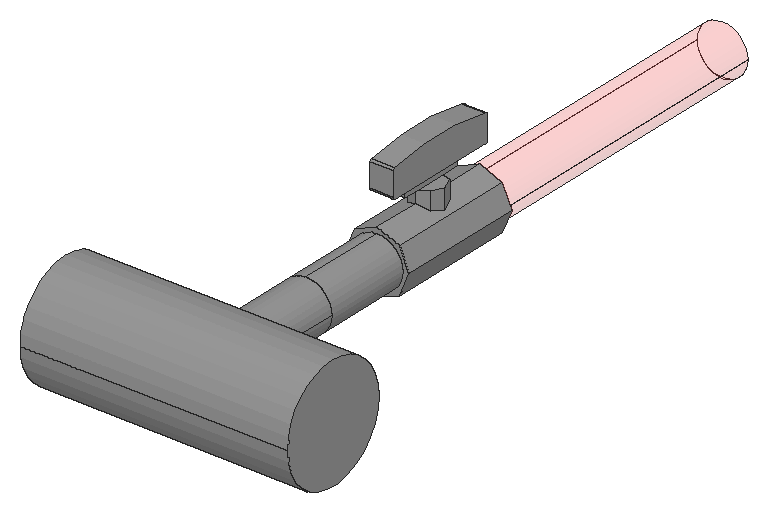
Revit family "(FMP)Tee_STS_15A-20A_Ball Valve_One Piece_Weld Lok_V_Nozzle", category Pipe Fittings, Revit 2021
Family settings
  Round Connector Dimension = Use Radius
  Part Type = Tee
  Work Plane-Based = No
  Always vertical = Yes
  Cut with Voids When Loaded = No
  Shared = No
Parameters (values of type "Tee_10S_BE, A1L1(STS304 AP)")
  Valve Type = (FMP)Ball Valve_STS_15A-25A_One Piece_Weld Lok_Nozzle : Ball Valve_One Piece_Weld Lok, A1L1(STS304 AP)
  SB_ZONE [instance] = ""
  SB_UTILITY [instance] = ""
  SB_SUBCON [instance] = ""
  SB_SHOPDATE [instance] = ""
  SB_REVDATE [instance] = ""
  SB_REV [instance] = ""
  SB_PROJECT [instance] = ""
  SB_PHASE [instance] = ""
  SB_LINENO [instance] = ""
  SB_INDATE [instance] = ""
  SB_FUTURE [instance] = ""
  SB_FL [instance] = ""
  SB_FIELD [instance] = ""
  SB_EXCLUSION [instance] = ""
  SB_CONSTRUCTION TYPE [instance] = ""
  SB_CONDATE [instance] = ""
  SB_CAPA [instance] = ""
  SB_BLDG [instance] = ""
  Radius 2 [instance] = 7.5 mm
  Radius 1 [instance] = 20 mm
  OD2 [instance] = size_lookup(Link, "OD2", -1 mm, Diameter 1, Diameter 2) / 2  # 10.85 mm
  OD1 [instance] = size_lookup(Link, "OD1", -1 mm, Diameter 1, Diameter 2) / 2  # 24.3 mm
  NOZZLE VALVE = "NOZZLE"  # constant formula
  Link = "Tee_STS_15A-20A_Ball Valve_One Piece_Key Lock_Weld Lok_V_Nozzle"
  Length [instance] = size_lookup(Link, "Length", -1 mm, Diameter 1, Diameter 2)  # 114.4 mm
  Height [instance] = size_lookup(Link, "Height", -1 mm, Diameter 1, Diameter 2)  # 57.2 mm
  Diameter 2 [instance] = Radius 2 * 2  # 15 mm
  Diameter 1 [instance] = Radius 1 * 2  # 40 mm
  Default Elevation = 0 mm
  CUSTOM_3 [instance] = ""
  CUSTOM_2 [instance] = ""
  CUSTOM_1 [instance] = ""
Types (2, lengths in mm): name | Valve Type
  Tee_10S_BE, A1K(STS304) | (FMP)Ball Valve_STS_15A-25A_One Piece_Weld Lok_Nozzle : Ball Valve_One Piece_Weld Lok, A1K(STS304)
  Tee_10S_BE, A1L1(STS304 AP) | (FMP)Ball Valve_STS_15A-25A_One Piece_Weld Lok_Nozzle : Ball Valve_One Piece_Weld Lok, A1L1(STS304 AP)
Reference planes
  plane 1 "Center (Front/Back)": y = 0
  plane 2: z = 0
  plane 3 "Center (Left/Right)": x = 0
  plane 4: x = 57.2
  plane 5: x = -57.2
  plane 6: y = 57.2
Forms (mm)
  Sweep 1, solid, material "Default", detail levels fine
    path origin (0, 0, 0) x (1, 0, 0) y (0, 1, 0)
      loop
        line (-57.2, 0) -> (57.2, 0)
    profile "Tee_STS : Out Diameter A" origin (0, 0, 0) x (0, 1, 0) y (0, 0, 1)
      loop
        circle (0, 0) r 24.3
  Sweep 2, solid, material "Default", detail levels fine
    path origin (0, 0, 0) x (1, 0, 0) y (0, 1, 0)
      loop
        line (0, 0) -> (0, 57.2)
    profile "Tee_STS : Out Diameter B" origin (0, 28.6, 0) x (-1, 0, 0) y (0, 0, 1)
      loop
        circle (0, 0) r 10.85
Cuts and joins
  joined: Sweep 1, Sweep 2
Lines and regions (mm)
  model lines, detail levels coarse+medium
    curve 1: line (0, 0, 0) -> (0, 57.2, 0)
    curve 2: line (-57.2, 0, 0) -> (57.2, 0, 0)
Dimensions and locks
  equal spacing: plane 5, plane 3 "Center (Left/Right)", plane 4
  "Length": plane 5 to plane 4
  "Height": plane 6 to plane 1 "Center (Front/Back)"
  "Height": Sweep 2 sketch curve to Sweep 2 sketch curve
  angle plane 1 "Center (Front/Back)" to Sweep 2 sketch curve = 90.00°
  aligned and locked: level to plane 2
  aligned and locked: plane 4 to curve 2
  aligned and locked: plane 3 "Center (Left/Right)" to Sweep 2 sketch curve
  aligned and locked: plane 1 "Center (Front/Back)" to Sweep 2 sketch curve
  aligned and locked: Sweep 2 to curve 1
  aligned and locked: plane 1 "Center (Front/Back)" to curve 1
  aligned and locked: plane 3 "Center (Left/Right)" to curve 1
  aligned and locked: Sweep 1 to curve 2
  aligned and locked: nested 1 to plane 6
Automatic sketch dimensions
  plane 1 "Center (Front/Back)" to Sweep 1 sketch curve = 0 mm
  Sweep 1 sketch curve to plane 5 = 0 mm
  Sweep 1 sketch curve to plane 4 = 0 mm
Nested families
  nested 1: "(FMP)Ball Valve_STS_15A-25A_One Piece_Weld Lok_Nozzle" at (0, 122.7, 0) x (0, 1, 0) z (0, 0, 1), Radius <- "Radius 2", type <- "Valve Type", SB_SHOPDATE <- "SB_SHOPDATE", SB_INDATE <- "SB_INDATE", SB_CONDATE <- "SB_CONDATE", SB_SUBCON <- "SB_SUBCON", SB_ZONE <- "SB_ZONE", SB_CONSTRUCTION TYPE <- "SB_CONSTRUCTION TYPE", SB_UTILITY <- "SB_UTILITY", SB_BLDG <- "SB_BLDG", SB_FL <- "SB_FL", SB_REV <- "SB_REV", SB_REVDATE <- "SB_REVDATE", SB_CAPA <- "SB_CAPA", SB_FUTURE <- "SB_FUTURE", SB_FIELD <- "SB_FIELD", SB_LINENO <- "SB_LINENO", SB_PHASE <- "SB_PHASE", CUSTOM_1 <- "CUSTOM_1", CUSTOM_2 <- "CUSTOM_2", CUSTOM_3 <- "CUSTOM_3", SB_EXCLUSION <- "SB_EXCLUSION", SB_PROJECT <- "SB_PROJECT", type "Ball Valve_One Piece_Weld Lok, A1L1(STS304 AP)"
    with Width_R 38 mm, Width 93 mm, Screw_L 26.9 mm, SB_ZONE "", SB_UTILITY "", SB_SUBCON "", SB_SHOPDATE "", SB_REVDATE "", SB_REV "", SB_PROJECT "", SB_PHASE "", SB_LINENO "", SB_INDATE "", SB_FUTURE "", SB_FL "", SB_FIELD "", SB_EXCLUSION "", SB_CONSTRUCTION TYPE "", SB_CONDATE "", SB_CAPA "", SB_BLDG "", Radius 7.5 mm, Pipe_R 10.85 mm, Height 35.4 mm, Handle_W 50 mm, Handle_H 11 mm, Diameter 15 mm, CUSTOM_3 "", CUSTOM_2 "", CUSTOM_1 "", Body_H 13.45 mm
  nested 2: "(FMP)Hook Up Space_PI_Water_Dummy" at (0, 150.2, 0) x (0, 1, 0) z (0, 0, 1), type "Hook Up Space_PI_Water, Dummy"
    with Radius 7.5 mm, OD 21.7 mm, Length 130 mm, Diameter 15 mm
Connectors
  piping at (-57.2, 0, 0), diameter 40, driven by "Radius 1"
    settings: on Sweep 1, index 1, connector inside diameter 609.6 mm, connector length 0 mm, flow factor 0, pipe flow 0.0 L/s, pressure drop 0.0 Pa, fitting loss kfactor 0, connector angle 0.00°, fixture units 0, engagement length 0 mm, angle of deflection 0.00°, flow configuration 0, flow direction 0, fitting loss method 0, system type 28, joint type 0, gender type 0, connector reference index 2, connector utility 0, adjustable connector no, is connector primary yes, connector description ""
  piping at (57.2, 0, 0), diameter 40, driven by "Radius 1"
    settings: on Sweep 1, index 2, connector inside diameter 609.6 mm, connector length 0 mm, flow factor 0, pipe flow 0.0 L/s, pressure drop 0.0 Pa, fitting loss kfactor 0, connector angle 0.00°, fixture units 0, engagement length 0 mm, angle of deflection 0.00°, flow configuration 0, flow direction 0, fitting loss method 0, system type 28, joint type 0, gender type 0, connector reference index 1, connector utility 0, adjustable connector no, is connector primary no, connector description ""
  piping at (0, 150.2, 0), diameter 15, driven by "Radius 2"
    settings: on nested 1, index 3, connector inside diameter 609.6 mm, connector length 0 mm, flow factor 0, pipe flow 0.0 L/s, pressure drop 0.0 Pa, fitting loss kfactor 0, connector angle 0.00°, fixture units 0, engagement length 0 mm, angle of deflection 0.00°, flow configuration 0, flow direction 0, fitting loss method 0, system type 29, joint type 0, gender type 0, connector reference index -1, connector utility 0, adjustable connector no, is connector primary no, connector description ""
Definition of nested family "(FMP)Ball Valve_STS_15A-25A_One Piece_Weld Lok_Nozzle"
  Parameters (values of type "Ball Valve_One Piece_Weld Lok, A1L1(STS304 AP)")
    Screw_L [instance] = size_lookup(Link, "Screw Length", -1 mm, Diameter)  # 26.9 mm
    SB_ZONE [instance] = ""
    SB_UTILITY [instance] = ""
    SB_SUBCON [instance] = ""
    SB_SHOPDATE [instance] = ""
    SB_REVDATE [instance] = ""
    SB_REV [instance] = ""
    SB_PROJECT [instance] = ""
    SB_PHASE [instance] = ""
    SB_LINENO [instance] = ""
    SB_INDATE [instance] = ""
    SB_FUTURE [instance] = ""
    SB_FL [instance] = ""
    SB_FIELD [instance] = ""
    SB_EXCLUSION [instance] = ""
    SB_CONSTRUCTION TYPE [instance] = ""
    SB_CONDATE [instance] = ""
    SB_CAPA [instance] = ""
    SB_BLDG [instance] = ""
    Radius [instance] = 7.5 mm
    Link = "Ball Valve_STS_15A-25A_One Piece_Key Lock_Weld Lok_Nozzle"
    Height [instance] = size_lookup(Link, "Height", -1 mm, Diameter)  # 35.4 mm
    Handle_W [instance] = size_lookup(Link, "Handle_W", -1 mm, Diameter)  # 50 mm
    Width_R [instance] = size_lookup(Link, "Width_R", -1 mm, Diameter)  # 38 mm
    Type Comments = ""
    Pipe_R [instance] = size_lookup(Link, "OD", -1 mm, Diameter) / 2  # 10.85 mm
    Model = ""
    Manufacturer = ""
    Width [instance] = size_lookup(Link, "Width", -1 mm, Diameter)  # 93 mm
    Keynote = ""
    Handle_H [instance] = size_lookup(Link, "Handle_H", -1 mm, Diameter)  # 11 mm
    Diameter [instance] = Radius * 2  # 15 mm
    Default Elevation = 0 mm
    CUSTOM_3 [instance] = ""
    CUSTOM_2 [instance] = ""
    CUSTOM_1 [instance] = ""
    Body_H [instance] = Screw_L / 2  # 13.45 mm
  Types (2): name
    Ball Valve_One Piece_Weld Lok, A1L1(STS304 AP)
    Ball Valve_One Piece_Weld Lok, A1K(STS304)
  Reference planes
    plane 1 "Center (Front/Back)": y = 0
    plane 2: z = 0
    plane 3 "Center (Left/Right)": x = 0
    plane 4: y = -8.5
    plane 5: y = 8.5
    plane 6: y = -9.8
    plane 7: y = 33.573
    plane 8: y = -33.573
    plane 9: z = 35.4
    plane 10: x = 27.5
    plane 11: x = -27.5
    plane 12: z = 21.525
    plane 13: z = 24.4
    plane 14: x = -25
    plane 15: x = 25
    plane 16: x = -14
    plane 17: x = 14
    plane 18: z = 18.925
    plane 19: x = -65.5
    plane 20: z = 13.45
  Forms (mm)
    Extrusion 1, solid, detail levels fine
      sketch origin (0, 0, 0) x (1, 0, 0) y (0, 0, 1)
        loop
          arc (-24.276, 36.264) -> (-24.795, 35.964) -> (-25, 35.4) r 0.878
          line (-25, 35.4) -> (-25, 25.4)
          arc (-25, 25.4) -> (-24.707, 24.693) -> (-24, 24.4) r 1
          line (-24, 24.4) -> (24, 24.4)
          arc (24, 24.4) -> (24.707, 24.693) -> (25, 25.4) r 1
          line (25, 25.4) -> (25, 35.4)
          arc (25, 35.4) -> (24.756, 36.009) -> (24.159, 36.282) r 0.883
          arc (24.159, 36.282) -> (-0.059, 38.972) -> (-24.276, 36.264) r 110
      from -5 to 5
    Revolve 2, solid, detail levels fine
      sketch origin (0, 0, 0) x (1, 0, 0) y (0, 0, 1)
        loop
          line (-27.5, 0) -> (-27.5, 10.85) -> (-65.5, 10.85) -> (-65.5, 0) -> (-27.5, 0)
        axis (-27.5, 0) -> (-65.5, 0)
      angle from 0 to 360
    Sweep 3, solid, detail levels fine
      path origin (0, 0, 0) x (1, 0, 0) y (0, 0, 1)
        loop
          line (27.5, 0) -> (-27.5, 0)
      profile "Screw : Screw_A" origin (0, 0, 0) x (0, 0, -1) y (0, -1, 0)
        loop
          line (-9.511, 9.511) -> (-13.45, 0) -> (-9.511, -9.511) -> (0, -13.45) -> (9.511, -9.511) -> (13.45, 0) -> (9.511, 9.511) -> (0, 13.45) -> (-9.511, 9.511)
    Extrusion 4, solid, detail levels fine
      sketch origin (0, 0, 0) x (1, 0, 0) y (0, 0, 1)
        loop
          line (17.426, 24.4) -> (-17.426, 24.4) -> (-14, 21.525) -> (-14, 18.925) -> (14, 18.925) -> (14, 21.525) -> (17.426, 24.4)
      from -1 to 1
    Sweep 5, solid, detail levels fine
      path origin (0, 0, 0) x (1, 0, 0) y (0, 0, 1)
        loop
          line (0, 18.925) -> (0, 0)
      profile "Screw : Screw_B" origin (0, 0, 9.462) x (1, 0, 0) y (0, -1, 0)
        loop
          line (-4.95, 4.95) -> (-7, 0) -> (-4.95, -4.95) -> (0, -7) -> (4.95, -4.95) -> (7, 0) -> (4.95, 4.95) -> (0, 7) -> (-4.95, 4.95)
  Cuts and joins
    joined: Extrusion 1, Revolve 2, Sweep 3, Extrusion 4, Sweep 5
  Dimensions and locks
    equal spacing: plane 4, plane 1 "Center (Front/Back)", plane 5
    plane 4 to plane 5 = 17 mm
    plane 1 "Center (Front/Back)" to plane 6 = 9.8 mm
    equal spacing: plane 8, plane 1 "Center (Front/Back)", plane 7
    plane 8 to plane 7 = 67.146 mm
    plane 18 to plane 12 = 2.6 mm
    "Height": level to plane 9
    "Pipe_R": level to Revolve 2 sketch curve
    "Width": plane 19 to plane 10
    equal spacing: plane 11, plane 3 "Center (Left/Right)", plane 10
    "Handle_W": plane 15 to plane 14
    "Width_R": plane 19 to plane 11
    "Handle_H": plane 13 to plane 9
    "Body_H": level to plane 20
    equal spacing: plane 15, plane 3 "Center (Left/Right)", plane 14
    equal spacing: plane 20, plane 18, plane 13
    radius of Extrusion 1 sketch curve = 110 mm
    locked: Extrusion 4 sketch curve to Extrusion 4 sketch curve (angle 40.00°)  (x2)
    aligned and locked: level to plane 2
    aligned and locked: Revolve 2 sketch curve to level
    aligned and locked: Revolve 2 sketch curve to plane 11
    aligned and locked: plane 19 to Revolve 2 sketch curve
    aligned and locked: Sweep 3 sketch curve to level
    aligned and locked: plane 11 to Sweep 3 sketch curve
    aligned and locked: plane 10 to Sweep 3 sketch curve
    aligned and locked: Extrusion 4 sketch curve to plane 17
    aligned and locked: Extrusion 4 sketch curve to plane 16
    aligned and locked: plane 13 to Extrusion 4 sketch curve
    aligned and locked: plane 9 to Extrusion 1 sketch curve  (x2)
    aligned and locked: nested 1 to plane 10
    aligned and locked: Sweep 5 to plane 18
    aligned and locked: Sweep 5 to level
    aligned and locked: plane 19 to nested 2
  Automatic sketch dimensions
    Extrusion 4 sketch curve to plane 18 = 0 mm
    Extrusion 4 sketch curve to plane 12 = 0 mm  (x2)
    plane 14 to Extrusion 1 sketch curve = 0 mm
    Extrusion 1 sketch curve to plane 13 = 0 mm
    Extrusion 1 sketch curve to plane 15 = 0 mm
    plane 13 to Extrusion 1 sketch curve = 1 mm
    Extrusion 1 sketch curve to plane 15 = 1 mm
    Extrusion 1 sketch curve to plane 14 = 0.724 mm
    Extrusion 1 sketch curve to plane 14 = 0.878 mm
    Extrusion 1 sketch curve to plane 3 "Center (Left/Right)" = 0.019 mm
    Extrusion 1 sketch curve to Extrusion 1 sketch curve = 0.042 mm
    Sweep 5 sketch curve to level = 0 mm
    Sweep 5 sketch curve to plane 3 "Center (Left/Right)" = 0 mm
    Sweep 5 sketch curve to plane 18 = 0 mm
    Revolve 2 sketch curve to level = 0 mm
    plane 19 to Revolve 2 sketch curve = 0 mm
    plane 11 to Revolve 2 sketch curve = 0 mm
  Nested families
    nested 1: "(FMP)Hook Up Space_PI_Water_Dummy" at (27.5, 0, 0), Radius <- "Radius", type "Hook Up Space_PI_Water, Dummy", detail levels fine
      with Radius 7.5 mm, OD 21.7 mm, Length 130 mm, Diameter 15 mm
    nested 2: "Symbol_Vavle" at (-19, 0, 0), S_Length <- "Width", type "Symbol_Ball Valve", detail levels coarse+medium
      with S_Radius 23.25 mm, S_R Offset 3.488 mm, S_Length 93 mm, S_L Offset 6.51 mm, S_Center R 23.25 mm, Bellows Scale 0.465
  Definition of nested family "(FMP)Hook Up Space_PI_Water_Dummy"
    Parameters (values of type "Hook Up Space_PI_Water, Dummy")
      Radius [instance] = 7.5 mm
      OD [instance] = size_lookup(Link, "OD", -1 mm, Diameter)  # 21.7 mm
      Model = "Dummy_Hook Up"  # constant formula
      Link = "Hook Up Space_PI_Water_Dummy"
      Length [instance] = size_lookup(Link, "Length", -1 mm, Diameter)  # 130 mm
      Diameter [instance] = Radius * 2  # 15 mm
    Reference planes
      plane 1 "Center (Front/Back)": y = 0
      plane 2: z = 0
      plane 3 "Center (Left/Right)": x = 0
      plane 4: x = 130
    Forms (mm)
      Sweep 1, solid
        path in 3D
          loop
            line (0, 0, 0) -> (130, 0, 0)
        profile "Hook Up Space_PI_Water_Dummy : Out Diameter" origin (65, 0, 0) x (0, 1, 0) y (0, 0, 1)
          loop
            circle (0, 0) r 10.85
    Lines and regions (mm)
      reference lines
        curve 1: line (0, 0, 0) -> (130, 0, 0)
      sketch lines
        curve 2: line (0, 0, 0) -> (130, 0, 0)
    Dimensions and locks
      "Length": plane 3 "Center (Left/Right)" to plane 4
      aligned and locked: level to plane 2
    Automatic sketch dimensions
      plane 1 "Center (Front/Back)" to curve 1 = 0 mm
      curve 1 to plane 3 "Center (Left/Right)" = 0 mm
      curve 1 to plane 4 = 0 mm
Definition of nested family "(FMP)Hook Up Space_PI_Water_Dummy"
  Parameters (values of type "Hook Up Space_PI_Water, Dummy")
    Radius [instance] = 7.5 mm
    OD [instance] = size_lookup(Link, "OD", -1 mm, Diameter)  # 21.7 mm
    Model = "Dummy_Hook Up"  # constant formula
    Link = "Hook Up Space_PI_Water_Dummy"
    Length [instance] = size_lookup(Link, "Length", -1 mm, Diameter)  # 130 mm
    Diameter [instance] = Radius * 2  # 15 mm
  Reference planes
    plane 1 "Center (Front/Back)": y = 0
    plane 2: z = 0
    plane 3 "Center (Left/Right)": x = 0
    plane 4: x = 130
  Forms (mm)
    Sweep 1, solid
      path in 3D
        loop
          line (0, 0, 0) -> (130, 0, 0)
      profile "Hook Up Space_PI_Water_Dummy : Out Diameter" origin (65, 0, 0) x (0, 1, 0) y (0, 0, 1)
        loop
          circle (0, 0) r 10.85
  Lines and regions (mm)
    reference lines
      curve 1: line (0, 0, 0) -> (130, 0, 0)
    sketch lines
      curve 2: line (0, 0, 0) -> (130, 0, 0)
  Dimensions and locks
    "Length": plane 3 "Center (Left/Right)" to plane 4
    aligned and locked: level to plane 2
  Automatic sketch dimensions
    plane 1 "Center (Front/Back)" to curve 1 = 0 mm
    curve 1 to plane 3 "Center (Left/Right)" = 0 mm
    curve 1 to plane 4 = 0 mm
